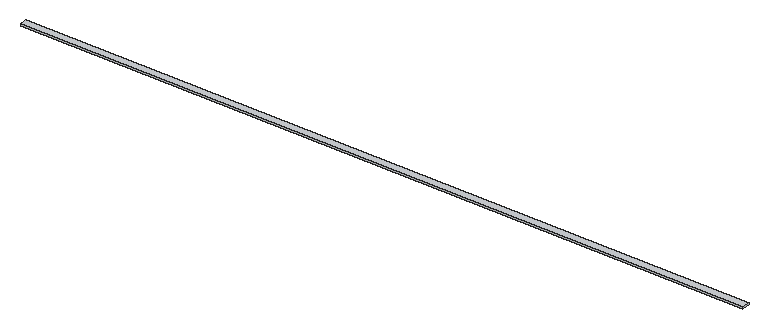
Revit family "STANDARD 5050 IP55_S2460.U.3_W.3_N.3", category Luminarias, Revit 2019
Family settings
  Cota de conector redondo = Diámetro de uso
  Tipo de pieza = Normal
  Se basa en plano de trabajo = Sí
  Siempre vertical = No
  Corte con vacíos al cargar = No
  Origen de luz = Sí
  Compartido = No
  Punto de cálculo de habitación = No
Parameters (values of type "STANDARD 5050 IP55_S2460.N.3")
  Zone [instance] = ""
  Watt per fixture [instance] = (Longitud / 1000 mm) * (14.4)  # 14.4
  Wattage = 14.4 W
  built-in parameter 1150107 = 4000 (stored number, unit not read)
  Light Source Symbol Size = 609.6 mm
  built-in parameter 1150110 = 1 (stored number, unit not read)
  built-in parameter 1150109 = 1 (stored number, unit not read)
  built-in parameter 1150112 = 1 (stored number, unit not read)
  built-in parameter 1150113 = 1 (stored number, unit not read)
  built-in parameter 1114218 = 1 (stored number, unit not read)
  built-in parameter 1150137 = (empty or 0)
  built-in parameter 1150132 = (empty or 0)
  Modelo Lampara = "5050 SMD"
  Modelo = "S2460.N.3"
  Marca = "BRILLANT"
  Longitud de línea de emisión = 600 mm
  Longitud [instance] = 1000 mm
  built-in parameter 1150105 = 417.11 (stored number, unit not read)
  built-in parameter 1150102 = (empty or 0)
  built-in parameter 1150106 = 4.1711 (stored number, unit not read)
  Lumens = 1310.4 lm
  Color Filter = 16777215
  built-in parameter 1114217 = 1 (stored number, unit not read)
  built-in parameter 1150139 = (empty or 0)
  Fabricante = "BRILLANT"
  Default Elevation = 0 mm
  built-in parameter 1150104 = 8.4542 (stored number, unit not read)
  Descripción = "TIRA STANDARD 5050 MONOCROMATICA DE PCB BLANCO MONTADA EN UNA CINTA ADHERIBLE 3M CON UNA POTENCIA DE 14.4W/M DE UN TIPO DE LED 5050 SMD, USO PARA INTERIORES IP55, IRC 80, TEMPERATURA EN BLANCO FRIO 4000K, 1135 LUMENES/M, PRESENTACION DE 5M, CORTE 10CM, ALIMENTADO A 12V, REQUIERE ACCESORIOS."
  built-in parameter 1150115 = 1 (stored number, unit not read)
  built-in parameter 1150114 = 1 (stored number, unit not read)
  Comentarios de vataje = "12"
  built-in parameter 1150138 = (empty or 0)
  built-in parameter 1150134 = 12
  Circuit [instance] = ""
  Dimming Lamp Color Temperature Shift = (empty or 0)
  built-in parameter 1150133 = 10 (stored number, unit not read)
Types (3, lengths in mm): name | built-in parameter 1150107 | Modelo | built-in parameter 1150105 | built-in parameter 1150106 | Lumens | built-in parameter 1150104 | Descripción | built-in parameter 1150134
  STANDARD 5050 IP55_S2460.U.3 | 2700 (stored number, unit not read) | "S2460.U.3" | 385.03 (stored number, unit not read) | 3.8503 (stored number, unit not read) | 1209.6 lm | 7.8039 (stored number, unit not read) | "TIRA STANDARD 5050 MONOCROMATICA DE PCB BLANCO MONTADA EN UNA CINTA ADHERIBLE 3M CON UNA POTENCIA DE 14.4W/M DE UN TIPO DE LED 5050 SMD, USO PARA INTERIORES IP55, IRC 80, TEMPERATURA EN BLANCO CALIDO 2700K, 1044 LUMENES/M, PRESENTACION DE 5M, CORTE 10CM, ALIMENTADO A 12V, REQUIERE ACCESORIOS." | (empty or 0)
  STANDARD 5050 IP55_S2460.W.3 | 3000 (stored number, unit not read) | "S2460.W.3" | 403.36 (stored number, unit not read) | 4.0336 (stored number, unit not read) | 1267.2 lm | 8.1755 (stored number, unit not read) | "TIRA STANDARD 5050 MONOCROMATICA DE PCB BLANCO MONTADA EN UNA CINTA ADHERIBLE 3M CON UNA POTENCIA DE 14.4W/M DE UN TIPO DE LED 5050 SMD, USO PARA INTERIORES IP55, IRC 80, TEMPERATURA EN BLANCO CALIDO 3000K, 1101 LUMENES/M, PRESENTACION DE 5M, CORTE 10CM, ALIMENTADO A 12V, REQUIERE ACCESORIOS." | (empty or 0)
  STANDARD 5050 IP55_S2460.N.3 | 4000 (stored number, unit not read) | "S2460.N.3" | 417.11 (stored number, unit not read) | 4.1711 (stored number, unit not read) | 1310.4 lm | 8.4542 (stored number, unit not read) | "TIRA STANDARD 5050 MONOCROMATICA DE PCB BLANCO MONTADA EN UNA CINTA ADHERIBLE 3M CON UNA POTENCIA DE 14.4W/M DE UN TIPO DE LED 5050 SMD, USO PARA INTERIORES IP55, IRC 80, TEMPERATURA EN BLANCO FRIO 4000K, 1135 LUMENES/M, PRESENTACION DE 5M, CORTE 10CM, ALIMENTADO A 12V, REQUIERE ACCESORIOS." | 12
Reference planes
  plane 1 "Centro (Frontal/Posterior)": y = 0
  plane 2: z = 0
  plane 3 "Centro (Izquierda/Derecha)": x = 0
  plane 4 "IZQ": x = -407.821
  plane 5: x = 592.179
  plane 6: z = 2.139
  plane 7 "DER": x = 592.179
Forms (mm)
  Extrusion 1, solid
    sketch origin (0, 0, 0) x (1, 0, 0) y (0, 1, 0)
      loop
        line (-407.821, 5) -> (-407.821, -5) -> (592.179, -5) -> (592.179, 5) -> (-407.821, 5)
    from 0 to 2.139
Dimensions and locks
  plane 6 to imposter light = 2.139 mm
  "Longitud": plane 4 "IZQ" to plane 7 "DER"
  aligned and locked: level to plane 2
  aligned and locked: plane 4 "IZQ" to Extrusion 1
  aligned and locked: Extrusion 1 to plane 5
  aligned and locked: plane 6 to Extrusion 1
  aligned and locked: plane 7 "DER" to Extrusion 1
Connectors
  electrical at (592.179, 0, 1.07)
    settings: on Extrusion 1, index 1, voltage 12 V, apparent load 0 VA, apparent load phase1 0 VA, apparent load phase2 0 VA, apparent load phase3 0 VA, power factor 1, load classification "Otro", number of poles 1, system type 31, power factor state 1, is connector primary yes, connector utility no, sub classification motor no, connector description ""
